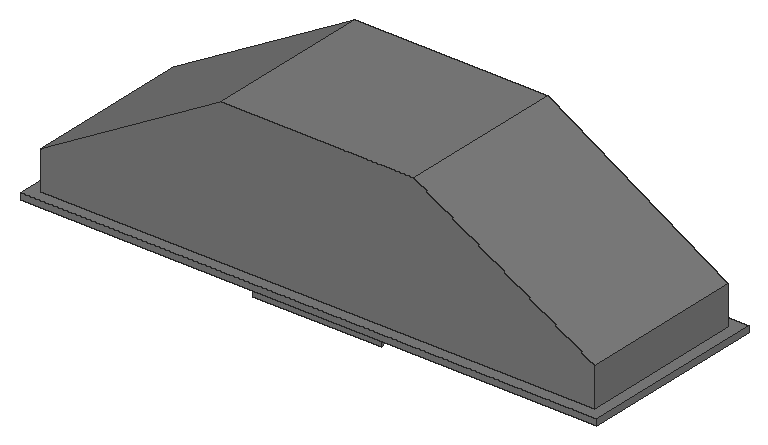
Revit family "Parex_SpecialityEquipment_Lucia_Rangehood", category Specialty Equipment, Revit 2023
Family settings
  Round Connector Dimension = Use Diameter
  Part Type = Normal
  Work Plane-Based = No
  Enable Cutting in Views = Yes
  Always vertical = Yes
  Cut with Voids When Loaded = Yes
  Maintain Annotation Orientation = No
  Shared = No
  Room Calculation Point = No
Parameters (values of type "900mm Black")
  Width = 897 mm
  WarrantyDescription = "5-Year in-home warranty on hood, 10-Year in-home warranty on motor"
  URL = "https://amorehomes.co.nz/"
  Type IFC Predefined Type = "NOTDEFINED"
  Specifications = "Quiet operation with external motor\r\n\r\nExpel smoke, grease, smells & steam outside\r\n\r\nEasy control with soft touch eye level controls\r\n\r\nGreat control with 5-speed levels\r\n\r\n15-Minute delay timer with auto shut-off\r\n\r\nTwin LED lights gives you great stove top lighting\r\n\r\nSturdy hood made of 1mm 430 stainless steel\r\n\r\nStainless steel dishwasher safe filters\r\n\r\nRemote control for optimum convenience\r\n\r\nIncludes 5m ducting"
  MountType = "Undermount"
  Model = "Black Lucia 900mm Undermount Rangehood"
  Material = Parex_Metal_430 Stainless Steel_Black
  Manufacturer = "Amore Homes"  # constant formula
  InnerTopWidth = 300 mm
  InnerHeight = 60 mm
  InnerDepth = 260 mm
  InnerBaseWidth = 861.4 mm
  HoodThickness = 10 mm
  Height = 233.3 mm
  FilterMaterial = Parex_Metal_Filter
  Export Type to IFC As = "IfcElectricApplianceType"
  Description = "The Lucia Black 900mm undermount rangehood is ideal for up to a 900mm wide cooktop and fits discretely into your kitchen cabinetry and can be paired with the motor that is right for your level of cooking."
  Depth = 294 mm
  Default Elevation = Height  # 233.3 mm
  Calc_SpotlightOffset = 150 mm
  Calc_SpotlightInnerDiameter = Calc_SpotlightDiameter - 10 mm  # 40 mm
  Calc_SpotlightDiameter = Calc_RearFrameWidth - 5 mm  # 50 mm
  Calc_RearFrameWidth = 55 mm
  Calc_GrillFrameWidth = 10 mm
  Calc_FrameOffset = 10.326 mm
  900mm = yes
  600mm = no
Types (4, lengths in mm): name | Width | Model | Material | InnerBaseWidth | Description | Calc_SpotlightOffset | 900mm | 600mm
  600mm | 597 | "Lucia 600mm Undermount Rangehood" | Parex_Metal_430 Stainless Steel | 561.4 | "The Lucia Black 600mm undermount rangehood is ideal for up to a 600mm wide cooktop and fits discretely into your kitchen cabinetry and can be paired with the motor that is right for your level of cooking." | 70 | no | yes
  900mm | 897 | "Lucia 900mm Undermount Rangehood" | Parex_Metal_430 Stainless Steel | 861.4 | "The Lucia Black 900mm undermount rangehood is ideal for up to a 900mm wide cooktop and fits discretely into your kitchen cabinetry and can be paired with the motor that is right for your level of cooking." | 150 | yes | no
  600mm Black | 597 | "Black Lucia 600mm Undermount Rangehood" | Parex_Metal_430 Stainless Steel_Black | 561.4 | "The Lucia Black 600mm undermount rangehood is ideal for up to a 600mm wide cooktop and fits discretely into your kitchen cabinetry and can be paired with the motor that is right for your level of cooking." | 70 | no | yes
  900mm Black | 897 | "Black Lucia 900mm Undermount Rangehood" | Parex_Metal_430 Stainless Steel_Black | 861.4 | "The Lucia Black 900mm undermount rangehood is ideal for up to a 900mm wide cooktop and fits discretely into your kitchen cabinetry and can be paired with the motor that is right for your level of cooking." | 150 | yes | no
Reference planes
  plane 1 "Center (Front/Back)": y = 0
  plane 2: z = 0
  plane 3 "Center (Left/Right)": x = 0
  plane 4 "HoodBase": z = 862.038
  plane 5 "Left": x = -448.5
  plane 6 "Right": x = 448.5
  plane 7 "Front": y = -260
  plane 8 "HoodTop": z = 872.038
  plane 9 "ChimneyTop": z = 1095.338
  plane 10 "InnerTopLeft": x = -150
  plane 11 "InnerTopRight": x = 150
  plane 12 "InnerLeft": x = -430.7
  plane 13 "InnerRight": x = 430.7
  plane 14 "InnerHeightMid": z = 932.038
  plane 15 "InnerFront": y = -277
  plane 16 "InnerRear": y = 17
  plane 17: y = -130
  plane 18 "SpotlightLeft": x = -280.7
  plane 19 "SpotlightRight": x = 280.7
  plane 20 "SpotlightFront": y = -238.5
  plane 21: y = -200
  plane 22: x = -100
  plane 23: x = 100
  plane 24: z = 842.038
  plane 25: x = -143.567
  plane 26: x = 143.567
Forms (mm)
  Extrusion 1, solid, material "Parex_Metal_430 Stainless Steel_Black" <- "Material"
    sketch origin (0, 0, 0) x (1, 0, 0) y (0, 1, 0)
      loop
        line (-448.5, -277) -> (448.5, -277) -> (448.5, 17) -> (-448.5, 17) -> (-448.5, -277)
    from 862.038 to 872.038
  Extrusion 2, solid, material "Parex_Metal_430 Stainless Steel_Black" <- "Material"
    sketch origin (0, 0, 0) x (1, 0, 0) y (0, 0, 1)
      loop
        line (-430.7, 932.038) -> (-430.7, 872.038) -> (430.7, 872.038) -> (430.7, 932.038) -> (150, 1095.338) -> (-150, 1095.338) -> (-430.7, 932.038)
    from 0 to 260
  Extrusion 3, solid, material "Parex_Metal_430 Stainless Steel_Black" <- "Material", detail levels fine
    sketch origin (0, 0, 0) x (0, 1, 0) y (0, 0, 1)
      loop
        line (-260, 842.038) -> (-238.5, 862.038) -> (-260, 862.038) -> (-260, 842.038)
    from -100 to 100
Dimensions and locks
  equal spacing: plane 5 "Left", plane 3 "Center (Left/Right)", plane 6 "Right"
  "Width": plane 5 "Left" to plane 6 "Right"
  "InnerDepth": plane 7 "Front" to plane 1 "Center (Front/Back)"
  "HoodThickness": plane 4 "HoodBase" to plane 8 "HoodTop"
  equal spacing: plane 11 "InnerTopRight", plane 3 "Center (Left/Right)", plane 10 "InnerTopLeft"
  "InnerTopWidth": plane 11 "InnerTopRight" to plane 10 "InnerTopLeft"
  equal spacing: plane 12 "InnerLeft", plane 3 "Center (Left/Right)", plane 13 "InnerRight"  (x2)
  "InnerBaseWidth": plane 12 "InnerLeft" to plane 13 "InnerRight"
  "Height": plane 9 "ChimneyTop" to plane 4 "HoodBase"
  equal spacing: plane 1 "Center (Front/Back)", plane 17, plane 7 "Front"
  equal spacing: plane 16 "InnerRear", plane 17, plane 15 "InnerFront"
  "Depth": plane 16 "InnerRear" to plane 15 "InnerFront"
  equal spacing: plane 10 "InnerTopLeft", plane 3 "Center (Left/Right)", plane 11 "InnerTopRight"
  "InnerHeight": plane 8 "HoodTop" to plane 14 "InnerHeightMid"
  "Calc_SpotlightOffset": plane 12 "InnerLeft" to plane 18 "SpotlightLeft"
  "Calc_SpotlightOffset": plane 19 "SpotlightRight" to plane 13 "InnerRight"
  equal spacing: plane 21, plane 20 "SpotlightFront", plane 15 "InnerFront"
  equal spacing: plane 22, plane 3 "Center (Left/Right)", plane 23
  plane 22 to plane 23 = 200 mm
  equal spacing: plane 12 "InnerLeft", plane 25, plane 26, plane 13 "InnerRight"
  aligned and locked: level to plane 2
  aligned and locked: Extrusion 1 sketch curve to plane 5 "Left"
  aligned and locked: Extrusion 1 sketch curve to plane 6 "Right"
  aligned and locked: plane 12 "InnerLeft" to Extrusion 2 sketch curve
  aligned and locked: plane 14 "InnerHeightMid" to Extrusion 2 sketch curve  (x2)
  aligned and locked: plane 10 "InnerTopLeft" to Extrusion 2 sketch curve
  aligned and locked: plane 9 "ChimneyTop" to Extrusion 2 sketch curve
  aligned and locked: plane 11 "InnerTopRight" to Extrusion 2 sketch curve
  aligned and locked: plane 13 "InnerRight" to Extrusion 2 sketch curve
  aligned and locked: Extrusion 2 sketch curve to plane 12 "InnerLeft"
  aligned and locked: Extrusion 2 sketch curve to plane 9 "ChimneyTop"
  aligned and locked: Extrusion 2 sketch curve to plane 13 "InnerRight"
  aligned and locked: Extrusion 2 sketch curve to plane 8 "HoodTop"
  aligned and locked: plane 4 "HoodBase" to nested 1
  aligned and locked: Extrusion 2 to plane 7 "Front"
  aligned and locked: Extrusion 2 to plane 1 "Center (Front/Back)"
  aligned and locked: Extrusion 1 sketch curve to plane 15 "InnerFront"
  aligned and locked: Extrusion 1 sketch curve to plane 16 "InnerRear"
  aligned and locked: nested 1 to plane 18 "SpotlightLeft"
  aligned and locked: nested 1 to plane 20 "SpotlightFront"
  aligned and locked: nested 2 to plane 19 "SpotlightRight"
  aligned and locked: nested 2 to plane 20 "SpotlightFront"
  aligned and locked: plane 3 "Center (Left/Right)" to nested 3
  aligned and locked: nested 3 to plane 1 "Center (Front/Back)"  (x2)
  aligned and locked: plane 12 "InnerLeft" to nested 3
  aligned and locked: nested 3 to plane 3 "Center (Left/Right)"
  aligned and locked: nested 3 to plane 21
  aligned and locked: nested 4 to plane 3 "Center (Left/Right)"
  aligned and locked: plane 13 "InnerRight" to nested 4
  aligned and locked: nested 4 to plane 1 "Center (Front/Back)"
  aligned and locked: nested 4 to plane 21
  aligned and locked: plane 20 "SpotlightFront" to Extrusion 3 sketch curve
  aligned and locked: plane 7 "Front" to Extrusion 3 sketch curve
  aligned and locked: plane 24 to Extrusion 3 sketch curve
  aligned and locked: plane 4 "HoodBase" to Extrusion 3 sketch curve
  aligned and locked: plane 22 to Extrusion 3
  aligned and locked: Extrusion 3 to plane 23
  aligned and locked: plane 13 "InnerRight" to nested 5
  aligned and locked: plane 26 to nested 5
  aligned and locked: plane 26 to nested 6
  aligned and locked: plane 25 to nested 6
  aligned and locked: plane 25 to nested 7
  aligned and locked: plane 12 "InnerLeft" to nested 7
  aligned and locked: nested 5 to plane 21
  aligned and locked: nested 6 to plane 21
  aligned and locked: nested 7 to plane 21
  aligned and locked: nested 5 to plane 1 "Center (Front/Back)"
  aligned and locked: nested 6 to plane 1 "Center (Front/Back)"
  aligned and locked: nested 7 to plane 1 "Center (Front/Back)"
  aligned and locked: plane 4 "HoodBase" to nested 5
  aligned and locked: plane 4 "HoodBase" to nested 4
  aligned and locked: plane 4 "HoodBase" to nested 6
  aligned and locked: plane 4 "HoodBase" to nested 3
  aligned and locked: plane 4 "HoodBase" to nested 7
Nested families
  nested 1: "Parex_Generic_Spotlight" at (-280.7, -238.5, 862.038), type "Parex_Generic_Spotlight", detail levels medium+fine
  nested 2: "Parex_Generic_Spotlight" at (280.7, -238.5, 862.038), type "Parex_Generic_Spotlight", detail levels medium+fine
  nested 3: "Parex_Generic_Filter" at (-215.35, -200, 860.813), visible <- "600mm", FrameMaterial <- "Material", type "Parex_Generic_Filter", detail levels medium+fine
    with Width 430.7 mm, FrameMaterial Parex_Metal_430 Stainless Steel_Black, Depth 200 mm
  nested 4: "Parex_Generic_Filter" at (215.35, -200, 860.813), visible <- "600mm", FrameMaterial <- "Material", type "Parex_Generic_Filter", detail levels medium+fine
    with Width 430.7 mm, FrameMaterial Parex_Metal_430 Stainless Steel_Black, Depth 200 mm
  nested 5: "Parex_Generic_Filter" at (287.133, -200, 860.813), visible <- "900mm", FrameMaterial <- "Material", type "Parex_Generic_Filter", detail levels medium+fine
    with Width 287.133 mm, FrameMaterial Parex_Metal_430 Stainless Steel_Black, Depth 200 mm
  nested 6: "Parex_Generic_Filter" at (0, -200, 860.813), visible <- "900mm", FrameMaterial <- "Material", type "Parex_Generic_Filter", detail levels medium+fine
    with Width 287.133 mm, FrameMaterial Parex_Metal_430 Stainless Steel_Black, Depth 200 mm
  nested 7: "Parex_Generic_Filter" at (-287.133, -200, 860.813), visible <- "900mm", FrameMaterial <- "Material", type "Parex_Generic_Filter", detail levels medium+fine
    with Width 287.133 mm, FrameMaterial Parex_Metal_430 Stainless Steel_Black, Depth 200 mm
Definition of nested family "Parex_Generic_Spotlight"
  Parameters (values of type "Parex_Generic_Spotlight")
    SpotlightMaterial = none
    SpotlightFrameMaterial = none
    InnerDiameter = Diameter - 5 mm  # 45 mm
    Diameter = 50 mm
    Default Elevation = 0 mm
  Reference planes
    plane 1 "Center (Front/Back)": y = 0
    plane 2: z = 0
    plane 3 "Center (Left/Right)": x = 0
    plane 4: z = -2.125
  Forms (mm)
    Extrusion 1, solid, material <- "SpotlightFrameMaterial", detail levels fine
      sketch origin (0, 0, 0) x (1, 0, 0) y (0, 1, 0)
        loop
          circle (0, 0) r 25
        loop
          circle (0, 0) r 22.5
      from -2.125 to 0
    Extrusion 2, solid, material <- "SpotlightMaterial", detail levels fine
      sketch origin (0, 0, 0) x (1, 0, 0) y (0, 1, 0)
        loop
          circle (0, 0) r 22.5
      from -2.125 to 0
  Lines and regions (mm)
    reference lines
      curve 1: circle (0, 0, 0) r 25 normal (0, 0, 1)
      curve 2: circle (0, 0, 0) r 22.5 normal (0, 0, 1)
    model lines
      curve 3: circle (0, 0, 0) r 25 normal (0, 0, 1)
      curve 4: circle (0, 0, 0) r 22.5 normal (0, 0, 1)
  Dimensions and locks
    "Diameter": diameter of curve 1
    "InnerDiameter": diameter of curve 2
    aligned and locked: level to plane 2
    aligned and locked: curve 3 to curve 1
    aligned and locked: curve 4 to curve 2
    aligned and locked: Extrusion 1 sketch curve to curve 1
    aligned and locked: Extrusion 1 sketch curve to curve 2
    aligned and locked: Extrusion 2 sketch curve to curve 2
    aligned and locked: Extrusion 1 to plane 4
    aligned and locked: Extrusion 2 to plane 4
    aligned and locked: plane 2 to Extrusion 1
    aligned and locked: plane 2 to Extrusion 2
  Automatic sketch dimensions
    curve 1 to curve 2 = 0 mm  (x2)
    plane 1 "Center (Front/Back)" to curve 2 = 0 mm
    curve 2 to plane 3 "Center (Left/Right)" = 0 mm
Definition of nested family "Parex_Generic_Filter"
  Parameters (values of type "Parex_Generic_Filter")
    Width [instance] = 300 mm
    HandleWidth = 60 mm
    HandleDepth = 50 mm
    GrillMaterial = none
    FrameWidth = 5 mm
    FrameMaterial [instance] = none
    Depth [instance] = 600 mm
    Default Elevation = 0 mm
  Reference planes
    plane 1 "Center (Front/Back)": y = 0
    plane 2: z = 0
    plane 3 "Center (Left/Right)": x = 0
    plane 4: x = -150
    plane 5: x = 150
    plane 6: y = 600
    plane 7: x = -145
    plane 8: y = 5
    plane 9: x = 145
    plane 10: y = 595
    plane 11: x = -30
    plane 12: y = 55
    plane 13: x = 30
    plane 14: y = 43
    plane 15: x = 10
    plane 16: y = 18
    plane 17: x = -10
    plane 18: z = 2.557
    plane 19: z = 1.225
  Forms (mm)
    Extrusion 1, solid, material <- "FrameMaterial", detail levels fine
      sketch origin (0, 0, 0) x (1, 0, 0) y (0, 1, 0)
        loop
          line (-150, 0) -> (150, 0) -> (150, 600) -> (-150, 600) -> (-150, 0)
        loop
          line (-145, 5) -> (-30, 5) -> (-30, 55) -> (30, 55) -> (30, 5) -> (145, 5) -> (145, 595) -> (-145, 595) -> (-145, 5)
      from 2.557 to 0
    Extrusion 2, solid, material <- "GrillMaterial", detail levels fine
      sketch origin (0, 0, 0) x (1, 0, 0) y (0, 1, 0)
        loop
          line (-145, 5) -> (-30, 5) -> (-30, 55) -> (30, 55) -> (30, 5) -> (145, 5) -> (145, 595) -> (-145, 595) -> (-145, 5)
      from 1.225 to 0
    Extrusion 3, solid, material <- "FrameMaterial", detail levels fine
      sketch origin (0, 0, 0) x (1, 0, 0) y (0, 1, 0)
        loop
          line (-145, 5) -> (-30, 5) -> (-30, 55) -> (30, 55) -> (30, 5) -> (145, 5) -> (145, 595) -> (-145, 595) -> (-145, 5)
      from 2.557 to 1.225
  Lines and regions (mm)
    model lines
      curve 1: line (150, 0, 0) -> (-150, 0, 0)
      curve 2: line (-150, 0, 0) -> (-150, 600, 0)
      curve 3: line (150, 0, 0) -> (150, 600, 0)
      curve 4: line (-150, 600, 0) -> (150, 600, 0)
      curve 5: line (145, 595, 0) -> (-145, 595, 0)
      curve 6: line (145, 5, 0) -> (145, 595, 0)
      curve 7: line (-145, 5, 0) -> (-145, 595, 0)
      curve 8: line (-145, 5, 0) -> (145, 5, 0)
      curve 9: line (-30, 5, 0) -> (-30, 55, 0)
      curve 10: line (30, 55, 0) -> (30, 5, 0)
      curve 11: line (-30, 55, 0) -> (30, 55, 0)
      curve 12: line (-10, 18, 0) -> (-10, 43, 0)
      curve 13: line (10, 43, 0) -> (10, 18, 0)
      curve 14: line (-10, 43, 0) -> (10, 43, 0)
      curve 15: line (10, 18, 0) -> (-10, 18, 0)
  Dimensions and locks
    equal spacing: plane 4, plane 3 "Center (Left/Right)", plane 5
    "Width": plane 4 to plane 5
    "Depth": plane 1 "Center (Front/Back)" to plane 6
    "FrameWidth": plane 1 "Center (Front/Back)" to plane 8
    "FrameWidth": plane 10 to plane 6
    "FrameWidth": plane 4 to plane 7
    "FrameWidth": plane 9 to plane 5
    equal spacing: plane 11, plane 3 "Center (Left/Right)", plane 13
    "HandleWidth": plane 11 to plane 13
    "HandleDepth": plane 12 to plane 8
    locked: plane 16 to plane 14 at 25
    equal spacing: plane 17, plane 3 "Center (Left/Right)", plane 15
    plane 17 to plane 15 = 20 mm
    locked: plane 12 to plane 14 at 12
    aligned and locked: level to plane 2
    aligned and locked: curve 1 to plane 1 "Center (Front/Back)"
    aligned and locked: curve 2 to plane 4
    aligned and locked: curve 3 to plane 5
    aligned and locked: curve 4 to plane 6
    aligned and locked: curve 5 to plane 10
    aligned and locked: curve 6 to plane 9
    aligned and locked: curve 7 to plane 7
    aligned and locked: curve 8 to plane 8
    aligned and locked: curve 9 to plane 11
    aligned and locked: curve 10 to plane 13
    aligned and locked: curve 11 to plane 12
    aligned and locked: curve 12 to plane 17
    aligned and locked: plane 15 to curve 13
    aligned and locked: curve 14 to plane 14
    aligned and locked: curve 15 to plane 16
    aligned and locked: plane 8 to curve 9
    aligned and locked: Extrusion 1 sketch curve to plane 4
    aligned and locked: Extrusion 1 sketch curve to plane 7
    aligned and locked: Extrusion 1 sketch curve to plane 9
    aligned and locked: Extrusion 1 sketch curve to plane 5
    aligned and locked: Extrusion 1 sketch curve to plane 1 "Center (Front/Back)"
    aligned and locked: Extrusion 1 sketch curve to plane 8
    aligned and locked: Extrusion 1 sketch curve to plane 13
    aligned and locked: Extrusion 1 sketch curve to plane 11
    aligned and locked: Extrusion 1 sketch curve to plane 12
    aligned and locked: Extrusion 1 sketch curve to plane 6
    aligned and locked: Extrusion 1 sketch curve to plane 10
    aligned and locked: Extrusion 2 sketch curve to plane 7
    aligned and locked: Extrusion 2 sketch curve to plane 8
    aligned and locked: Extrusion 2 sketch curve to plane 11
    aligned and locked: Extrusion 2 sketch curve to plane 13
    aligned and locked: Extrusion 2 sketch curve to plane 12
    aligned and locked: Extrusion 2 sketch curve to plane 9
    aligned and locked: Extrusion 2 sketch curve to plane 10
    aligned and locked: Extrusion 1 to plane 18
    aligned and locked: plane 2 to Extrusion 1
    aligned and locked: plane 2 to Extrusion 2
    aligned and locked: plane 19 to Extrusion 2
    aligned and locked: Extrusion 3 sketch curve to plane 8  (x2)
    aligned and locked: Extrusion 3 sketch curve to plane 13
    aligned and locked: Extrusion 3 sketch curve to plane 12
    aligned and locked: Extrusion 3 sketch curve to plane 11
    aligned and locked: Extrusion 3 sketch curve to plane 7
    aligned and locked: Extrusion 3 sketch curve to plane 9
    aligned and locked: Extrusion 3 sketch curve to plane 10
    aligned and locked: Extrusion 3 to plane 19
    aligned and locked: plane 18 to Extrusion 3
  Automatic sketch dimensions
    Extrusion 1 sketch curve to plane 8 = 0 mm
    Extrusion 2 sketch curve to plane 8 = 0 mm
